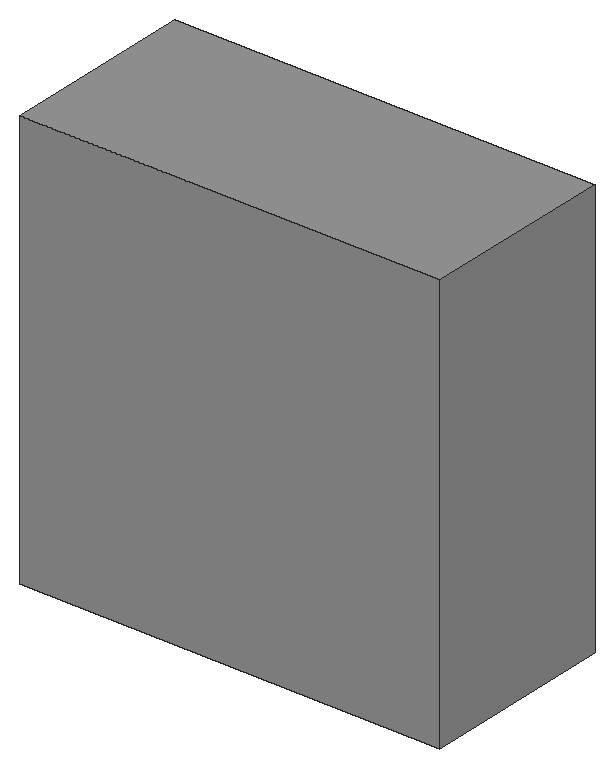
Revit family "EI_Bedientabelau_V1700", category Elektroinstallationen, Revit 2017
Family settings
  Beschriftungsausrichtung beibehalten = Nein
  Bemaßung runder Anschluss = Durchmesser verwenden
  Teiletyp = Normal
  OmniClass-Nummer = 23.80.00.00
  OmniClass-Titel = Electric Power and Lighting
  Arbeitsebenenbasiert = Nein
  Immer vertikal = Ja
  Beim Laden mit Abzugskörper schneiden = Ja
  Gemeinsam genutzt = Nein
  Raumberechnungspunkt = Nein
Parameters (values of type "Managment_Bedienebene")
  pbr_Material_KZ = ""
  pbr_Material = none
  pbr_E_Typ = ""
  pbr_E_KZ = ""
  pbr_DINBild = 0
  pbr_Bild = 0
  pbr_3Dx_Delta_Korrekturversatz [instance] = 0 mm
  pbr_3DX_Versatzfaktor [instance] = 0
  pbr_2DY_Versatzfaktor [instance] = 0
  pbr_2DX_Versatzfaktor [instance] = 0
  cpiFitMatchKey [instance] = "E-BM-BMPA"
  Zentrale [instance] = ""
  Wirkleistung [instance] = 0 W
  Typ [instance] = ""
  Tiefe = 37 mm
  Text3 [instance] = ""
  Text2 [instance] = ""
  Text1 [instance] = ""
  Spannung [instance] = 0
  Scheinleistung [instance] = 0 VA
  Schaltgruppe2 [instance] = 0
  Schaltgruppe1 [instance] = 0
  Polig [instance] = 1
  Planungsbüro Rohling = "www.pbr.de"
  Nennstrom [instance] = 0
  Menge(Dosenzahl) [instance] = 0
  Management Bedienebene = yes
  Länge = Breite  # 80 mm
  Linie/Anschluss [instance] = ""
  Leistungsfaktor [instance] = 0
  Lastklassifizierung = none
  Installationsart [instance] = ""
  Info [instance] = ""
  Gleichzeitigkeitsfaktor3 [instance] = 0
  Gleichzeitigkeitsfaktor2 [instance] = 0
  Gleichzeitigkeitsfaktor1 [instance] = 0
  Gewerk [instance] = "MSR"
  Eckversatz [instance] = 0 mm
  YFrontversatz [instance] = if(pbr_2DY_Versatzfaktor = 300, 0 mm, pbr_2DY_Versatzfaktor * 300 mm)  # 0 mm
  XSeitenversatz [instance] = if(pbr_2DX_Versatzfaktor = 0, 3000 mm, 3000 mm + (pbr_2DX_Versatzfaktor * 300 mm)) + Eckversatz  # 3000 mm
  X3Dversatz [instance] = if([3DX_Versatzkontrolle] = 0, 2000 mm, 2000 mm + ([3DX_Versatzkontrolle] * (300 mm - Breite))) + pbr_3Dx_Delta_Korrekturversatz  # 2000 mm
  Niveau [instance] = 1200 mm
  Breite = 80 mm
  Bedientableau Beleuchtung = no
  Bedientableau = no
  Anlaufstrom [instance] = 0
  3DX_Versatzkontrolle [instance] = if(pbr_3DX_Versatzfaktor = 0, (pbr_2DX_Versatzfaktor * -1), (((-1 * pbr_3DX_Versatzfaktor) + pbr_2DX_Versatzfaktor) * -1))  # 0
Types (3, lengths in mm): name | Management Bedienebene | Gewerk | Bedientableau Beleuchtung | Bedientableau
  Bedientableau_Bel | no | "BEL" | yes | no
  Bedientableau | no | "Schalt" | no | yes
  Managment_Bedienebene | yes | "MSR" | no | no
Reference planes
  plane 1 "Mitte (Vorne/Hinten)": y = 0
  plane 2: z = 0
  plane 3 "Mitte (Links/Rechts)": x = 22.5
  plane 4: x = -127.5
  plane 5: x = 172.5
  plane 6: y = 300
  plane 7 "Schalterhinten": y = 0
  plane 8: x = -2977.5
  plane 9: x = 22.5
  plane 10: x = -1977.5
  plane 11: x = -17.5
  plane 12: x = 62.5
  plane 13: z = 1240
  plane 14: z = 1160
  plane 15 "SchalterVorne": y = 37
  plane 16 "3DMitte": x = 22.5
  plane 17 "Achse": z = 1200
  plane 18: z = 1197.5
  plane 19: z = 1202.5
  plane 20 "2DMitte": y = 150
Forms (mm)
  Extrusion 1, solid, material "Stahl, weich, geschweißt"
    sketch origin (0, 20, 0) x (0, 0, 1) y (-1, 0, 0)
      loop
        line (1160, 17.5) -> (1160, -62.5) -> (1240, -62.5) -> (1240, 17.5) -> (1160, 17.5)
    from -17 to 20
Dimensions and locks
  locked: plane 6 to plane 7 "Schalterhinten" at 300
  "XSeitenversatz": plane 8 to plane 9
  plane 8 to plane 3 "Mitte (Links/Rechts)" = 3000 mm
  "YFrontversatz": plane 1 "Mitte (Vorne/Hinten)" to plane 7 "Schalterhinten"
  "Breite": plane 12 to plane 11
  "Länge": plane 13 to plane 14
  plane 9 to plane 10 = 2000 mm
  equal spacing: plane 12, plane 16 "3DMitte", plane 11
  "X3Dversatz": plane 16 "3DMitte" to plane 10
  equal spacing: plane 13, plane 17 "Achse", plane 14
  "Niveau": plane 17 "Achse" to level
  "Tiefe": plane 15 "SchalterVorne" to plane 1 "Mitte (Vorne/Hinten)"
  plane 13 to plane 18 = 42.5 mm
  plane 19 to plane 14 = 42.5 mm
  equal spacing: plane 4, plane 9, plane 5, locked at 150 each
  locked: plane 4 to plane 5 at 300
  equal spacing: plane 6, plane 20 "2DMitte", plane 7 "Schalterhinten", locked at 150 each
  aligned and locked: level to plane 2
  aligned and locked: Extrusion 1 sketch curve to plane 14
  aligned and locked: Extrusion 1 sketch curve to plane 11
  aligned and locked: Extrusion 1 sketch curve to plane 13
  aligned and locked: plane 12 to Extrusion 1 sketch curve
  aligned and locked: plane 1 "Mitte (Vorne/Hinten)" to Extrusion 1
  aligned and locked: Extrusion 1 to plane 15 "SchalterVorne"
  aligned and locked: nested 1 to plane 9
  aligned and locked: nested 1 to plane 7 "Schalterhinten"
  aligned and locked: nested 2 to plane 9
  aligned and locked: nested 2 to plane 7 "Schalterhinten"
  aligned and locked: nested 3 to plane 9
  aligned and locked: nested 3 to plane 7 "Schalterhinten"
Nested families
  nested 1: "Bedientableau" at (22.5, 0, 0), visible <- "Bedientableau", type "Bedientableau"
  nested 2: "Bedientableau Beleuchtung" at (22.5, 0, 0), visible <- "Bedientableau Beleuchtung", type "Bedientableau Beleuchtung"
  nested 3: "Management- und Bedienebene" at (22.5, 0, 0), visible <- "Management Bedienebene", type "Management- und Bedienebene"
Connectors
  electrical at (22.5, 0, 1200)
    settings: on Extrusion 1, index 1, voltage 0 V, apparent load 0 VA, apparent load phase1 0 VA, apparent load phase2 0 VA, apparent load phase3 0 VA, power factor 1, load classification "Sonstige", number of poles 1, system type 30, power factor state 1, is connector primary yes, connector utility no, sub classification motor no, connector description ""
Definition of nested family "Bedientableau"
  Reference planes
    plane 1 "Mitte (Vorne/Hinten)": y = 0
    plane 2: z = 0
    plane 3 "Mitte (Links/Rechts)": x = 0
  Lines and regions (mm)
    detail lines, in view "Referenzebene"
      curve 1: circle (-155.595, 135, 0) r 86.808 normal (0, 0, 1)
      curve 2: circle (146.266, 135, 0) r 86.808 normal (0, 0, 1)
      curve 3: line (265.336, 0, 0) -> (-274.664, 0, 0)
      curve 4: line (-274.664, 0, 0) -> (-274.664, 270, 0)
      curve 5: line (-274.664, 270, 0) -> (265.336, 270, 0)
      curve 6: line (265.336, 270, 0) -> (265.336, 0, 0)
      curve 7: line (-94.212, 73.618, 0) -> (-216.977, 196.382, 0)
      curve 8: line (-94.212, 196.382, 0) -> (-216.977, 73.618, 0)
      curve 9: line (84.884, 73.618, 0) -> (207.648, 196.382, 0)
      curve 10: line (84.884, 196.382, 0) -> (207.648, 73.618, 0)
      curve 11: line (-68.787, 135, 0) -> (-60.847, 135, 0)
      curve 12: line (-39.247, 135, 0) -> (-17.647, 135, 0)
      curve 13: line (3.953, 135, 0) -> (25.553, 135, 0)
      curve 14: line (47.153, 135, 0) -> (59.458, 135, 0)
Definition of nested family "Bedientableau Beleuchtung"
  Reference planes
    plane 1 "Mitte (Vorne/Hinten)": y = 0
    plane 2: z = 0
    plane 3 "Mitte (Links/Rechts)": x = 0
  Lines and regions (mm)
    detail lines, in view "Referenzebene"
      curve 1: circle (-149.682, 135, 0) r 86.808 normal (0, 0, 1)
      curve 2: circle (152.179, 135, 0) r 86.808 normal (0, 0, 1)
      curve 3: line (271.249, 0, 0) -> (-268.751, 0, 0)
      curve 4: line (-268.751, 0, 0) -> (-268.751, 270, 0)
      curve 5: line (-268.751, 270, 0) -> (271.249, 270, 0)
      curve 6: line (271.249, 270, 0) -> (271.249, 0, 0)
      curve 7: line (-88.299, 73.618, 0) -> (-211.064, 196.382, 0)
      curve 8: line (-88.299, 196.382, 0) -> (-211.064, 73.618, 0)
      curve 9: line (90.797, 73.618, 0) -> (213.561, 196.382, 0)
      curve 10: line (90.797, 196.382, 0) -> (213.561, 73.618, 0)
      curve 11: line (-62.874, 135, 0) -> (-54.934, 135, 0)
      curve 12: line (-33.334, 135, 0) -> (-11.734, 135, 0)
      curve 13: line (9.866, 135, 0) -> (31.466, 135, 0)
      curve 14: line (53.066, 135, 0) -> (65.372, 135, 0)
Definition of nested family "Management- und Bedienebene"
  Reference planes
    plane 1 "Mitte (Vorne/Hinten)": y = 0
    plane 2: z = 0
    plane 3 "Mitte (Links/Rechts)": x = 0
    plane 4: y = 269.78, in view "Referenzebene"
    plane 5: y = 205.744, in view "Referenzebene"
  Lines and regions (mm)
    Filled region 1, type "Beton", in view "Referenzebene"
      outline origin (0, 0, 0) x (1, 0, 0) y (0, 1, 0)
        loop
          line (-69.876, 205.744) -> (-61.696, 205.744) -> (-61.696, 260.338) -> (-43.157, 205.744) -> (-35.535, 205.744) -> (-16.929, 259.317) -> (-16.929, 205.744) -> (-8.547, 205.744) -> (-8.547, 269.78) -> (-19.965, 269.78) -> (-38.821, 215.02) -> (-57.065, 269.78) -> (-69.876, 269.78) -> (-69.876, 205.744)
        loop
          line (3.893, 269.78) -> (3.893, 205.744) -> (31.132, 205.744)
          spline (31.132, 205.744) -> (40.138, 207.188) -> (43.906, 208.756) -> (46.729, 210.803) -> (49.101, 213.705) -> (50.794, 216.706) -> (51.833, 219.837) -> (52.252, 223.465) -> (52.089, 227.169) -> (51.337, 230.258) -> (49.676, 233.386) -> (46.166, 236.914) -> (40.187, 239.836)
          line (40.187, 239.836) -> (41.993, 240.879)
          spline (41.993, 240.879) -> (46.676, 245.087) -> (48.059, 247.646) -> (48.972, 250.573) -> (49.273, 253.835) -> (48.765, 257.057) -> (47.696, 260.06) -> (46.269, 262.643) -> (44.519, 264.675) -> (42.165, 266.444) -> (38.973, 268.044) -> (34.81, 269.18) -> (28.794, 269.78)
          line (28.794, 269.78) -> (3.893, 269.78)
        loop
          line (28.463, 235.361) -> (12.331, 235.361) -> (12.331, 213.33) -> (31.487, 213.33)
          spline (31.487, 213.33) -> (37.538, 214.6) -> (40.428, 216.584) -> (42.276, 219.133) -> (43.309, 221.753) -> (43.514, 224.141) -> (43.307, 226.55) -> (42.715, 228.982) -> (41.342, 231.107) -> (39.404, 232.831) -> (36.964, 234.146) -> (33.335, 235.026) -> (28.463, 235.361)
        loop
          line (12.331, 262.317) -> (12.331, 243.052) -> (29.243, 243.052)
          spline (29.243, 243.052) -> (35.466, 243.936) -> (38.366, 245.855) -> (39.8, 247.786) -> (40.605, 249.595) -> (40.953, 251.7) -> (40.885, 254.078) -> (40.352, 256.334) -> (39.41, 258.205) -> (38.166, 259.571) -> (36.387, 260.677) -> (33.364, 261.777) -> (27.135, 262.317)
          line (27.135, 262.317) -> (12.331, 262.317)
        loop
          line (109.262, 269.78) -> (63.463, 269.78) -> (63.463, 205.744) -> (111.174, 205.744) -> (111.174, 213.33) -> (72.061, 213.33) -> (72.061, 235.361) -> (107.061, 235.361) -> (107.061, 243.052) -> (72.061, 243.052) -> (72.061, 262.317) -> (109.262, 262.317) -> (109.262, 269.78)
    detail lines, in view "Referenzebene"
      curve 1: circle (99.262, 117.046, 0) r 11.25 normal (0, 0, 1)
      curve 2: circle (65.512, 117.046, 0) r 11.25 normal (0, 0, 1)
      curve 3: line (-245.425, 450, 0) -> (267.575, 450, 0)
      curve 4: line (267.575, 450, 0) -> (267.575, 0, 0)
      curve 5: line (267.575, 0, 0) -> (-245.425, 0, 0)
      curve 6: line (-245.425, 0, 0) -> (-245.425, 450, 0)
      curve 7: line (230.197, 7.046, 0) -> (143.012, 67.046, 0)
      curve 8: line (143.012, 67.046, 0) -> (-106.988, 67.046, 0)
      curve 9: line (-106.988, 67.046, 0) -> (-194.488, 7.046, 0)
      curve 10: line (-194.488, 7.046, 0) -> (230.197, 7.046, 0)
      curve 11: line (163.846, 37.046, 0) -> (-127.821, 37.046, 0)
      curve 12: line (-106.988, 49.546, 0) -> (-148.654, 24.546, 0)
      curve 13: line (-148.654, 24.546, 0) -> (184.679, 24.546, 0)
      curve 14: line (184.679, 24.546, 0) -> (143.012, 49.546, 0)
      curve 15: line (143.012, 49.546, 0) -> (-106.988, 49.546, 0)
      curve 16: line (-106.988, 342.046, 0) -> (143.012, 342.046, 0)
      curve 17: line (143.012, 342.046, 0) -> (143.012, 92.046, 0)
      curve 18: line (143.012, 92.046, 0) -> (-106.988, 92.046, 0)
      curve 19: line (-106.988, 92.046, 0) -> (-106.988, 342.046, 0)
      curve 20: line (-88.238, 323.296, 0) -> (124.262, 323.296, 0)
      curve 21: line (124.262, 323.296, 0) -> (124.262, 142.046, 0)
      curve 22: line (124.262, 142.046, 0) -> (-88.238, 142.046, 0)
      curve 23: line (-88.238, 142.046, 0) -> (-88.238, 323.296, 0)
